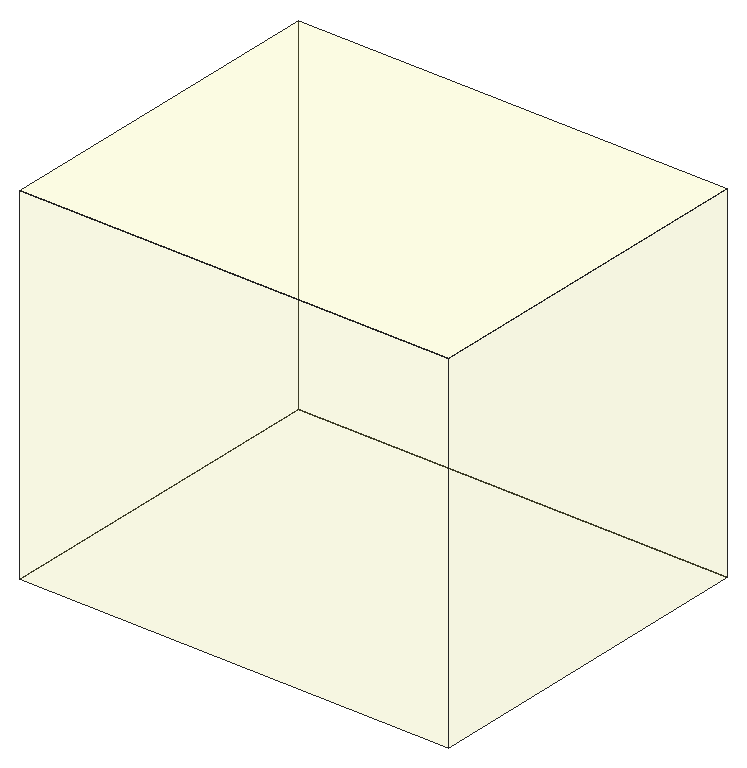
Revit family "AHU_Sample", category Оборудование, Revit 2023
Family settings
  Размер круглого соединителя = Использовать диаметр
  Классификация = Нет
  Тип детали = Нормальный
  На основе рабочей плоскости = Нет
  Всегда вертикально = Да
  При загрузке вырезать с полостями = Нет
  Сохранять ориентацию аннотаций = Нет
  Общий = Нет
  Точка принадлежности помещению = Нет
Parameters
  Ширина коннектор 4 [instance] = 200 mm
  Ширина коннектор 3 [instance] = 200 mm
  Ширина коннектор 1 [instance] = 200 mm
  Сторона обслуживания правая [instance] = not(Сторона обслуживания левая)  # yes
  Сторона обслуживания левая [instance] = no
  Отметка по умолчанию = 0 mm
  Ширина коннектор 2 [instance] = 200 mm
  Высота коннектор 2 [instance] = 200 mm
  Высота коннектор 4 [instance] = 200 mm
  Высота коннектор 1 [instance] = 200 mm
  Высота коннектор 3 [instance] = 200 mm
  Блоки отдельно в спецификации [instance] = yes
  AHU_Width [instance] = 1000 mm
  AHU_TotalLength [instance] = 1230 mm
  AHU_Height [instance] = 1000 mm
  ADSK_Размер_Ширина [instance] = AHU_Width  # 1000 mm
  ADSK_Размер_Длина [instance] = AHU_TotalLength  # 1230 mm
  ADSK_Размер_Высота [instance] = AHU_Height  # 1000 mm
  ADSK_Наименование = "Вентустановка"
  ADSK_Марка = ""
  ADSK_Количество = 1  # constant formula
  ADSK_Код изделия = ""
  ADSK_Завод-изготовитель = ""
  ADSK_Единица измерения = "шт."
Reference planes
  plane 1 "По центру (Вперед/Назад)": y = 0
  plane 2: z = 0
  plane 3 "По центру (Влево/Вправо)": x = 0
  plane 4: z = 1000
  plane 5: z = 500
  plane 6: x = 1230
  plane 7: y = 500
  plane 8: y = -500
  plane 9: y = 1500
  plane 10: y = -1500
Forms (mm)
  Extrusion 1, solid, material "Зона обслуживания", visible <- "Сторона обслуживания левая"
    sketch origin (0, 0, 0) x (1, 0, 0) y (0, 1, 0)
      loop
        line (0, 500) -> (1230, 500) -> (1230, 1500) -> (0, 1500) -> (0, 500)
    from 0 to 1000
  Extrusion 2, solid, material "Зона обслуживания", visible <- "Сторона обслуживания правая"
    sketch origin (0, -2000, 0) x (1, 0, 0) y (0, 1, 0)
      loop
        line (0, 500) -> (1230, 500) -> (1230, 1500) -> (0, 1500) -> (0, 500)
    from 0 to 1000
Lines and regions (mm)
  reference lines
    curve 1: line (0, 0, 500) -> (1230, 0, 500)
Dimensions and locks
  equal spacing: plane 4, plane 5, level
  "ADSK_Размер_Высота": plane 4 to level
  "ADSK_Размер_Длина": plane 3 "По центру (Влево/Вправо)" to plane 6
  equal spacing: plane 7, plane 1 "По центру (Вперед/Назад)", plane 8
  "ADSK_Размер_Ширина": plane 7 to plane 8
  "ADSK_Размер_Ширина": plane 9 to plane 7
  "ADSK_Размер_Ширина": plane 8 to plane 10
  aligned and locked: level to plane 2
  aligned and locked: plane 3 "По центру (Влево/Вправо)" to curve 1
  aligned and locked: plane 6 to curve 1
  aligned and locked: plane 9 to Extrusion 1
  aligned and locked: plane 6 to Extrusion 1
  aligned and locked: Extrusion 1 to plane 3 "По центру (Влево/Вправо)"
  aligned and locked: plane 8 to Extrusion 2
  aligned and locked: Extrusion 2 to plane 6
  aligned and locked: Extrusion 2 to plane 3 "По центру (Влево/Вправо)"
  aligned and locked: Extrusion 2 to plane 10
  aligned and locked: plane 4 to Extrusion 2
  aligned and locked: plane 4 to Extrusion 1
Automatic sketch dimensions
  plane 1 "По центру (Вперед/Назад)" to curve 1 = 0 mm
  Extrusion 1 sketch curve to plane 3 "По центру (Влево/Вправо)" = 0 mm
  Extrusion 1 sketch curve to plane 6 = 0 mm
  Extrusion 1 sketch curve to plane 7 = 0 mm
  Extrusion 1 sketch curve to plane 9 = 0 mm
  Extrusion 2 sketch curve to plane 3 "По центру (Влево/Вправо)" = 0 mm
  Extrusion 2 sketch curve to plane 6 = 0 mm
  Extrusion 2 sketch curve to plane 10 = 0 mm
  Extrusion 2 sketch curve to plane 8 = 0 mm
Connectors
  hvac at (0, 0, 500), driven by "Высота коннектор 1", driven by "Ширина коннектор 1"
    settings: on curve 1, index 1, duct flow 0.0 L/s, flow factor 0, pres drop 0.0 Pa, loss coef 0, conn angle 0.00°, conn width 200 mm, conn height 200 mm, conn diameter 609.6 mm, duct sys type 29, conn prof type 1, flow config 0, flow direction 0, loss method 0, conn ref index 2, conn util no, is conn primary yes, conn desc ""
  hvac at (1230, 0, 500), driven by "Высота коннектор 2", driven by "Ширина коннектор 2"
    settings: on curve 1, index 2, duct flow 0.0 L/s, flow factor 0, pres drop 0.0 Pa, loss coef 0, conn angle 0.00°, conn width 200 mm, conn height 200 mm, conn diameter 609.6 mm, duct sys type 29, conn prof type 1, flow config 0, flow direction 0, loss method 0, conn ref index 1, conn util no, is conn primary no, conn desc ""
